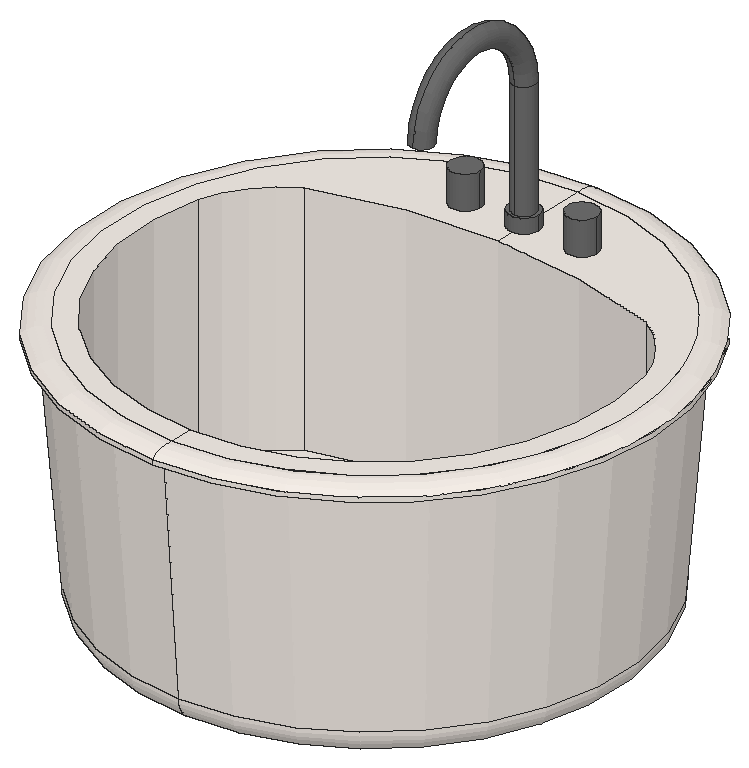
Revit family
Parameters (values of type "482 x 482mm")
  Basin Material = Porcelain - Linen
  Fixture Material = Metal - Steel, Polished
  Top Of Counter [instance] = 750.00 mm
Reference planes
  plane 1: z = 0
  plane 2 "Center (Left/Right)": x = 96.652
  plane 3 "Top Of Counter": z = 750
  plane 4: z = 759.525
  plane 5: x = -144.648
  plane 6: x = 337.952
  plane 7: y = 85.168
  plane 8: y = 326.468
  plane 9: y = -156.132
  plane 10: y = 136.253
  plane 11 "cold": x = 147.452
  plane 12 "hot": x = 45.852
  plane 13: y = 247.093
  plane 14 "sweep": x = 96.652
  plane 15: y = 247.093
  plane 16: z = 788.1
  plane 17: z = 534.1
  plane 18: z = 771.76
  plane 19: z = 555.284
Forms (mm)
  Revolve 1, solid, material "Porcelain - Linen" <- "Basin Material"
    sketch origin (96.652, 0, 0) x (0, 1, 0) y (0, 0, 1)
      loop
        line (326.468, 750) -> (326.468, 753.969)
        arc (326.468, 753.969) -> (316.651, 758.824) -> (305.722, 759.525) r 27.884
        line (305.722, 759.525) -> (85.168, 759.525) -> (85.168, 534.1) -> (277.462, 534.1)
        arc (277.462, 534.1) -> (292.221, 540.344) -> (298.018, 555.284) r 20.566
        line (298.018, 555.284) -> (314.561, 750) -> (326.468, 750)
      axis (85.168, 759.525) -> (85.168, 534.1)
    angle from 0 to 360
  Extrusion 2, solid, material "Metal - Steel, Polished" <- "Fixture Material"
    sketch origin (0, 0, 0) x (1, 0, 0) y (0, 1, 0)
      loop
        circle (147.452, 247.093) r 12.7
    from 788.1 to 759.525
  Extrusion 3, solid, material "Metal - Steel, Polished" <- "Fixture Material"
    sketch origin (-101.6, 0, 0) x (1, 0, 0) y (0, 1, 0)
      loop
        circle (147.452, 247.093) r 12.7
    from 788.1 to 759.525
  Extrusion 4, solid, material "Metal - Steel, Polished" <- "Fixture Material"
    sketch origin (-50.8, 0, 0) x (1, 0, 0) y (0, 1, 0)
      loop
        circle (147.452, 247.093) r 12.7
    from 759.525 to 771.76
  Sweep 5, solid, material "Metal - Steel, Polished" <- "Fixture Material"
    path origin (96.652, 0, 0) x (0, -1, 0) y (0, 0, 1)
      loop
        line (-247.093, 759.525) -> (-247.093, 872.238)
        arc (-247.093, 872.238) -> (-191.673, 927.658) -> (-136.253, 872.238) r 55.42
    profile origin (96.652, 0, 815.881) x (0, 1, 0) y (-1, 0, 0)
      loop
        circle (247.093, 0) r 9.525
  Extrusion 6, void
    sketch origin (0, 0, 0) x (1, 0, 0) y (0, 1, 0)
      loop
        arc (-52.153, 194.086) -> (-80.443, 169.371) -> (-98.17, 136.253) r 104.55
        arc (-98.17, 136.253) -> (96.652, -116.241) -> (291.474, 136.253) r 201.408
        arc (291.474, 136.253) -> (273.746, 169.371) -> (245.457, 194.086) r 104.55
        arc (245.457, 194.086) -> (96.652, 219.266) -> (-52.153, 194.086) r 452.283
    from 759.525 to 555.284
Cuts and joins
  Extrusion 6 cuts Revolve 1
  Extrusion 6 cuts Extrusion 2
  Extrusion 6 cuts Extrusion 3
  Extrusion 6 cuts Extrusion 4
  Extrusion 6 cuts Sweep 5
  joined: Extrusion 4, Sweep 5
Lines and regions (mm)
  Masking region 1
    outline origin (0, 0, 750) x (0, -1, 0) y (1, 0, 0)
      loop
        circle (-85.168, 96.652) r 241.3
  symbolic lines
    curve 1: arc (337.952, 85.168, 750) -> (96.652, 326.468, 750) -> (-144.648, 85.168, 750) r 241.3
    curve 2: arc (-144.648, 85.168, 750) -> (96.652, -156.132, 750) -> (337.952, 85.168, 750) r 241.3
    curve 3: arc (117.289, 85.168, 750) -> (96.652, 105.805, 750) -> (76.014, 85.168, 750) r 20.637
    curve 4: arc (76.014, 85.168, 750) -> (96.652, 64.53, 750) -> (117.289, 85.168, 750) r 20.637
    curve 5: arc (160.152, 247.093, 750) -> (147.452, 259.793, 750) -> (134.752, 247.093, 750) r 12.7
    curve 6: arc (134.752, 247.093, 750) -> (147.452, 234.393, 750) -> (160.152, 247.093, 750) r 12.7
    curve 7: arc (106.177, 247.093, 750) -> (96.652, 256.618, 750) -> (87.127, 247.093, 750) r 9.525
    curve 8: arc (58.552, 247.093, 750) -> (45.852, 259.793, 750) -> (33.152, 247.093, 750) r 12.7
    curve 9: arc (33.152, 247.093, 750) -> (45.852, 234.393, 750) -> (58.552, 247.093, 750) r 12.7
    curve 10: arc (-98.17, 136.253, 750) -> (96.652, -116.241, 750) -> (291.474, 136.253, 750) r 201.408
    curve 11: arc (-98.17, 136.253, 750) -> (-80.443, 169.371, 750) -> (-52.153, 194.086, 750) r 104.55
    curve 12: arc (291.474, 136.253, 750) -> (273.746, 169.371, 750) -> (245.457, 194.086, 750) r 104.55
    curve 13: arc (-52.153, 194.086, 750) -> (16.5, 212.107, 750) -> (87.127, 219.166, 750) r 452.283
    curve 14: line (87.127, 247.093, 750) -> (87.127, 136.253, 750)
    curve 15: line (106.177, 247.093, 750) -> (106.177, 136.253, 750)
    curve 16: arc (87.127, 136.253, 750) -> (96.652, 126.728, 750) -> (106.177, 136.253, 750) r 9.525
    curve 17: arc (106.177, 219.166, 750) -> (176.804, 212.107, 750) -> (245.457, 194.086, 750) r 452.283
Dimensions and locks
  locked: plane 4 to plane 3 "Top Of Counter" at 9.525
  locked: plane 5 to plane 2 "Center (Left/Right)" at 241.3
  locked: plane 2 "Center (Left/Right)" to plane 6 at 241.3
  plane 7 to plane 8 = 241.30 mm
  plane 9 to plane 7 = 241.30 mm
  locked: plane 12 "hot" to plane 2 "Center (Left/Right)" at 50.8
  locked: plane 2 "Center (Left/Right)" to plane 11 "cold" at 50.8
  locked: plane 13 to plane 8 at 79.375
  "Top Of Counter": plane 3 "Top Of Counter" to plane 1
  locked: plane 16 to plane 3 "Top Of Counter" at 38.1
  locked: plane 3 "Top Of Counter" to plane 17 at 215.9
  locked: plane 18 to plane 4 at 12.235
  locked: plane 19 to plane 17 at 21.184
  aligned and locked: plane 16 to Extrusion 2
  aligned and locked: plane 4 to Extrusion 2
  aligned and locked: Extrusion 2 to Extrusion 3
  aligned and locked: plane 4 to Extrusion 3
  aligned and locked: Revolve 1 sketch curve to plane 17
  aligned and locked: Extrusion 6 to plane 4
  aligned and locked: Extrusion 4 to plane 18
  aligned and locked: plane 4 to Extrusion 4
  aligned and locked: Masking region 1 sketch curve to curve 2
  aligned and locked: Revolve 1 to Extrusion 6
Automatic sketch dimensions
  Extrusion 2 sketch curve to plane 13 = 0.00 mm
  Extrusion 2 sketch curve to plane 11 "cold" = 0.00 mm
  Extrusion 2 sketch curve to Extrusion 2 sketch curve = 12.70 mm
  Extrusion 3 sketch curve to Extrusion 3 sketch curve = 12.70 mm
  Extrusion 3 sketch curve to plane 13 = 0.00 mm
  Extrusion 3 sketch curve to plane 11 "cold" = 101.60 mm
  Extrusion 4 sketch curve to Extrusion 4 sketch curve = 12.70 mm
  Extrusion 4 sketch curve to plane 13 = 0.00 mm
  Extrusion 4 sketch curve to plane 11 "cold" = 50.80 mm
  Sweep 5 sketch curve to plane 13 = 0.00 mm
  Sweep 5 sketch curve to plane 10 = 0.00 mm
  Sweep 5 sketch curve to plane 4 = 0.00 mm
  Sweep 5 sketch curve to plane 3 "Top Of Counter" = 122.238 mm
  Sweep 5 sketch curve to plane 14 "sweep" = 0.00 mm
  Sweep 5 sketch curve to profile plane = 0.00 mm
  profile plane to Sweep 5 sketch curve = 9.525 mm
  Revolve 1 sketch curve to plane 7 = 0.00 mm  (x2)
  Revolve 1 sketch curve to level = 0.00 mm
  Revolve 1 sketch curve to plane 4 = 0.00 mm  (x2)
  Revolve 1 sketch curve to plane 3 "Top Of Counter" = 0.00 mm
  Revolve 1 sketch curve to plane 8 = 0.00 mm
  plane 8 to Revolve 1 sketch curve = 49.006 mm
  Revolve 1 sketch curve to Revolve 1 sketch curve = 20.556 mm
  plane 8 to Revolve 1 sketch curve = 20.745 mm
  Revolve 1 sketch curve to Revolve 1 sketch curve = 17.03 mm
  plane 8 to Revolve 1 sketch curve = 11.906 mm
  Revolve 1 sketch curve to Revolve 1 sketch curve = 20.566 mm
  Revolve 1 sketch curve to Revolve 1 sketch curve = 18.111 mm
  Extrusion 6 sketch curve to plane 10 = 0.00 mm  (x2)
  Extrusion 6 sketch curve to plane 2 "Center (Left/Right)" = 0.00 mm  (x2)
  Extrusion 6 sketch curve to plane 7 = 0.00 mm
  Extrusion 6 sketch curve to plane 7 = 19.108 mm  (x2)
  Extrusion 6 sketch curve to plane 2 "Center (Left/Right)" = 95.283 mm
  Extrusion 6 sketch curve to Extrusion 6 sketch curve = 53.522 mm
  Extrusion 6 sketch curve to Extrusion 6 sketch curve = 46.017 mm
  plane 2 "Center (Left/Right)" to Extrusion 6 sketch curve = 95.283 mm
  plane 9 to Extrusion 6 sketch curve = 76.885 mm
  curve 1 to curve 3 = 0.00 mm  (x2)
  curve 1 to curve 10 = 0.00 mm  (x2)
  curve 13 to curve 17 = 0.00 mm  (x2)
  curve 9 to plane 12 "hot" = 0.00 mm
  curve 9 to plane 13 = 0.00 mm
  curve 15 to plane 13 = 0.00 mm
  curve 6 to plane 13 = 0.00 mm
  curve 15 to plane 10 = 0.00 mm
  curve 10 to plane 10 = 0.00 mm
  curve 11 to plane 10 = 0.00 mm
  curve 3 to plane 7 = 0.00 mm
  curve 13 to plane 2 "Center (Left/Right)" = 0.00 mm
  curve 1 to plane 5 = 0.00 mm
  curve 4 to plane 2 "Center (Left/Right)" = 0.00 mm
  curve 16 to plane 2 "Center (Left/Right)" = 0.00 mm
  curve 5 to plane 11 "cold" = 0.00 mm
  curve 7 to curve 13 = 27.927 mm
  curve 17 to curve 13 = 0.00 mm
  plane 13 to curve 12 = 53.007 mm
  curve 12 to plane 7 = 19.108 mm
  curve 11 to plane 7 = 19.108 mm
  curve 11 to plane 5 = 46.478 mm
  curve 10 to curve 11 = 46.017 mm
  curve 8 to plane 12 "hot" = 12.70 mm
  curve 3 to plane 2 "Center (Left/Right)" = 20.637 mm
  curve 14 to plane 2 "Center (Left/Right)" = 9.525 mm
  curve 6 to plane 11 "cold" = 12.70 mm
  plane 11 "cold" to curve 12 = 44.483 mm
